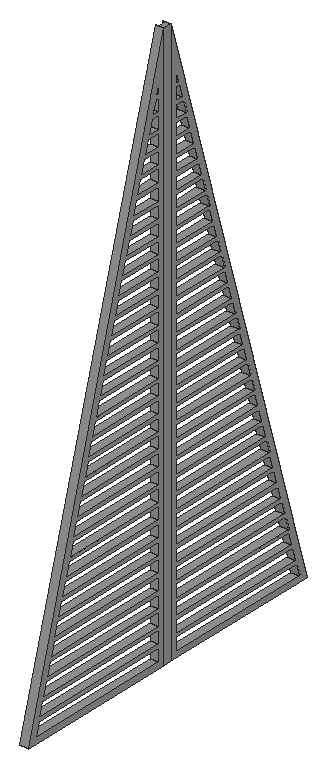
Revit family "MBS_shading panel1__up_0", category Generic Models, Revit 2014
Reference planes
  plane 1 "Center (Front/Back)": y = 0
  plane 2: z = 0
  plane 3 "Center (Left/Right)": x = 0
Dimensions and locks
  aligned and locked: level to plane 2
Nested families
  nested 1: "MBS_rounding mullion shading system1" at (100, -200, 0), type "MBS_rounding mullion shading system1"
    with rounding mullion height 2700 mm
  nested 2: "MBS_shading panel1" at (560, -240, 2700) x (1, 0, 0) z (0, -1, 0), type "MBS_shading panel1"
    with shad panel thickness 40 mm, shad panel 1 void height 2700 mm
  nested 3: "MBS_shading panel1" at (-240, -200, 2700) x (-1, 0, 0) z (0, 1, 0), type "MBS_shading panel1"
    with shad panel thickness 40 mm, shad panel 1 void height 2700 mm
Definition of nested family "MBS_rounding mullion shading system1"
  Parameters (values of type "MBS_rounding mullion shading system1")
    rounding mullion mater = Steel, Galvanized rounding mull
    rounding mullion height [instance] = 2700 mm
    Default Elevation = 1219.2 mm
  Reference planes
    plane 1 "Center (Front/Back)": y = 0
    plane 2: z = 0
    plane 3 "Center (Left/Right)": x = 0
  Forms (mm)
    Extrusion 1, solid
      sketch origin (0, 0, 0) x (1, 0, 0) y (0, 1, 0)
        loop
          line (-1219.2, 1219.2) -> (-1219.2, -1219.2) -> (1219.2, -1219.2) -> (1219.2, 1219.2) -> (-1219.2, 1219.2)
      from 0 to -304.8
    Extrusion 2, solid, material "Steel, Galvanized rounding mull" <- "rounding mullion mater"
      sketch origin (0, 0, 0) x (1, 0, 0) y (0, 1, 0)
        loop
          line (55, 0) -> (55, -40) -> (80, -40) -> (80, 0) -> (55, 0)
      from 0 to 2700 <- "rounding mullion height"
  Dimensions and locks
    aligned and locked: plane 2 to Extrusion 1
    aligned and locked: level to Extrusion 1
Definition of nested family "MBS_shading panel1"
  Parameters (values of type "MBS_shading panel1")
    shading panel mater = Oak, White shading panel
    shad panel thickness [instance] = 40 mm
    shad panel 1 void height [instance] = 2700 mm
    panel hole = 60 mm
    Default Elevation = 1219.2 mm
  Reference planes
    plane 1 "Center (Front/Back)": y = 0
    plane 2: z = 0
    plane 3 "Center (Left/Right)": x = 0
    plane 4: y = -281.851
    plane 5: y = -341.851
    plane 6: y = -356.851
    plane 7: y = -416.851
    plane 8: through (799.2, -206.851, 30) normal (0, -0.2841, -0.9588)
    plane 9: y = -431.851
    plane 10: y = -491.851
    plane 11: y = -506.851
    plane 12: y = -566.851
    plane 13: y = -581.851
    plane 14: y = -641.851
    plane 15: y = -661.851
    plane 16: y = -721.851
    plane 17: y = -736.851
    plane 18: y = -796.851
    plane 19: y = -811.851
    plane 20: y = -871.851
    plane 21: y = -886.851
    plane 22: y = -946.851
    plane 23: y = -961.851
    plane 24: y = -1021.851
    plane 25: y = -1036.851
    plane 26: y = -1096.851
    plane 27: y = -1111.851
    plane 28: y = -1171.851
    plane 29: y = -1186.851
    plane 30: y = -1246.851
    plane 31: y = -1261.851
    plane 32: y = -1321.851
    plane 33: y = -1336.851
    plane 34: y = -1396.851
    plane 35: y = -1411.851
    plane 36: y = -1471.851
    plane 37: y = -1486.851
    plane 38: y = -1546.851
    plane 39: y = -1561.851
    plane 40: y = -1621.851
    plane 41: y = -1636.851
    plane 42: y = -1696.851
    plane 43: y = -1711.851
    plane 44: y = -1771.851
    plane 45: y = -1786.851
    plane 46: y = -1846.851
    plane 47: y = -1861.851
    plane 48: y = -1921.851
    plane 49: y = -1936.851
    plane 50: y = -1996.851
    plane 51: y = -2011.851
    plane 52: y = -2071.851
    plane 53: y = -2086.851
    plane 54: y = -2146.851
    plane 55: y = -2161.851
    plane 56: y = -2221.851
    plane 57: y = -2236.851
    plane 58: y = -2296.851
    plane 59: y = -2311.851
    plane 60: y = -2371.851
    plane 61: y = -2386.851
    plane 62: y = -2446.851
    plane 63: y = -2521.851
    plane 64: y = -2461.851
    plane 65: y = -2536.851
    plane 66: y = -2596.851
    plane 67: y = -2611.851
    plane 68: y = -2671.851
  Forms (mm)
    Extrusion 1, solid
      sketch origin (0, 0, 0) x (1, 0, 0) y (0, 1, 0)
        loop
          line (-1219.2, 1219.2) -> (-1219.2, -1219.2) -> (1219.2, -1219.2) -> (1219.2, 1219.2) -> (-1219.2, 1219.2)
      from 0 to -304.8
    Extrusion 2, solid, material "Oak, White shading panel" <- "shading panel mater"
      sketch origin (-420, -1442.49, -227.833) x (0, 0, -1) y (0, 1, 0)
        loop
          line (-227.833, 1442.49) -> (-1027.833, -1257.51) -> (-227.833, -1257.51) -> (-227.833, 1442.49)
        loop
          line (-257.833, 1235.639) -> (-275.611, 1175.639) -> (-257.833, 1175.639) -> (-257.833, 1235.639)
        loop
          line (-257.833, 1160.639) -> (-280.056, 1160.639) -> (-297.833, 1100.639) -> (-257.833, 1100.639) -> (-257.833, 1160.639)
        loop
          line (-257.833, 1085.639) -> (-302.278, 1085.639) -> (-320.056, 1025.639) -> (-257.833, 1025.639) -> (-257.833, 1085.639)
        loop
          line (-257.833, 1010.639) -> (-324.5, 1010.639) -> (-342.278, 950.639) -> (-257.833, 950.639) -> (-257.833, 1010.639)
        loop
          line (-257.833, 860.639) -> (-368.944, 860.639) -> (-386.722, 800.639) -> (-257.833, 800.639) -> (-257.833, 860.639)
        loop
          line (-257.833, 935.639) -> (-346.722, 935.639) -> (-364.5, 875.639) -> (-257.833, 875.639) -> (-257.833, 935.639)
        loop
          line (-257.833, 780.639) -> (-392.648, 780.639) -> (-410.426, 720.639) -> (-257.833, 720.639) -> (-257.833, 780.639)
        loop
          line (-257.833, 705.639) -> (-414.87, 705.639) -> (-432.648, 645.639) -> (-257.833, 645.639) -> (-257.833, 705.639)
        loop
          line (-257.833, 630.639) -> (-437.093, 630.639) -> (-454.87, 570.639) -> (-257.833, 570.639) -> (-257.833, 630.639)
        loop
          line (-257.833, 555.639) -> (-459.315, 555.639) -> (-477.093, 495.639) -> (-257.833, 495.639) -> (-257.833, 555.639)
        loop
          line (-257.833, 480.639) -> (-481.537, 480.639) -> (-499.315, 420.639) -> (-257.833, 420.639) -> (-257.833, 480.639)
        loop
          line (-257.833, 405.639) -> (-503.759, 405.639) -> (-521.537, 345.639) -> (-257.833, 345.639) -> (-257.833, 405.639)
        loop
          line (-257.833, 330.639) -> (-525.982, 330.639) -> (-543.759, 270.639) -> (-257.833, 270.639) -> (-257.833, 330.639)
        loop
          line (-257.833, 255.639) -> (-548.204, 255.639) -> (-565.982, 195.639) -> (-257.833, 195.639) -> (-257.833, 255.639)
        loop
          line (-257.833, 180.639) -> (-570.426, 180.639) -> (-588.204, 120.639) -> (-257.833, 120.639) -> (-257.833, 180.639)
        loop
          line (-257.833, 105.639) -> (-592.648, 105.639) -> (-610.426, 45.639) -> (-257.833, 45.639) -> (-257.833, 105.639)
        loop
          line (-257.833, 30.639) -> (-614.87, 30.639) -> (-632.648, -29.361) -> (-257.833, -29.361) -> (-257.833, 30.639)
        loop
          line (-257.833, -44.361) -> (-637.093, -44.361) -> (-654.87, -104.361) -> (-257.833, -104.361) -> (-257.833, -44.361)
        loop
          line (-257.833, -119.361) -> (-659.315, -119.361) -> (-677.093, -179.361) -> (-257.833, -179.361) -> (-257.833, -119.361)
        loop
          line (-257.833, -194.361) -> (-681.537, -194.361) -> (-699.315, -254.361) -> (-257.833, -254.361) -> (-257.833, -194.361)
        loop
          line (-257.833, -269.361) -> (-703.759, -269.361) -> (-721.537, -329.361) -> (-257.833, -329.361) -> (-257.833, -269.361)
        loop
          line (-257.833, -344.361) -> (-725.982, -344.361) -> (-743.759, -404.361) -> (-257.833, -404.361) -> (-257.833, -344.361)
        loop
          line (-257.833, -419.361) -> (-748.204, -419.361) -> (-765.982, -479.361) -> (-257.833, -479.361) -> (-257.833, -419.361)
        loop
          line (-257.833, -494.361) -> (-770.426, -494.361) -> (-788.204, -554.361) -> (-257.833, -554.361) -> (-257.833, -494.361)
        loop
          line (-257.833, -569.361) -> (-792.648, -569.361) -> (-810.426, -629.361) -> (-257.833, -629.361) -> (-257.833, -569.361)
        loop
          line (-257.833, -644.361) -> (-814.87, -644.361) -> (-832.648, -704.361) -> (-257.833, -704.361) -> (-257.833, -644.361)
        loop
          line (-257.833, -719.361) -> (-837.093, -719.361) -> (-854.87, -779.361) -> (-257.833, -779.361) -> (-257.833, -719.361)
        loop
          line (-257.833, -794.361) -> (-859.315, -794.361) -> (-877.093, -854.361) -> (-257.833, -854.361) -> (-257.833, -794.361)
        loop
          line (-257.833, -869.361) -> (-881.537, -869.361) -> (-899.315, -929.361) -> (-257.833, -929.361) -> (-257.833, -869.361)
        loop
          line (-257.833, -944.361) -> (-903.759, -944.361) -> (-921.537, -1004.361) -> (-257.833, -1004.361) -> (-257.833, -944.361)
        loop
          line (-257.833, -1019.361) -> (-925.982, -1019.361) -> (-943.759, -1079.361) -> (-257.833, -1079.361) -> (-257.833, -1019.361)
        loop
          line (-257.833, -1094.361) -> (-948.204, -1094.361) -> (-965.982, -1154.361) -> (-257.833, -1154.361) -> (-257.833, -1094.361)
        loop
          line (-257.833, -1169.361) -> (-970.426, -1169.361) -> (-988.204, -1229.361) -> (-257.833, -1229.361) -> (-257.833, -1169.361)
      from 0 to 40 <- "shad panel thickness"
  Dimensions and locks
    "panel hole": plane 4 to plane 5
    "panel hole": plane 6 to plane 7
    "panel hole": plane 9 to plane 10
    "panel hole": plane 11 to plane 12
    "panel hole": plane 13 to plane 14
    "panel hole": plane 15 to plane 16
    "panel hole": plane 17 to plane 18
    "panel hole": plane 19 to plane 20
    "panel hole": plane 21 to plane 22
    "panel hole": plane 23 to plane 24
    "panel hole": plane 25 to plane 26
    "panel hole": plane 27 to plane 28
    "panel hole": plane 29 to plane 30
    "panel hole": plane 31 to plane 32
    "panel hole": plane 33 to plane 34
    "panel hole": plane 35 to plane 36
    "panel hole": plane 37 to plane 38
    "panel hole": plane 39 to plane 40
    "panel hole": plane 41 to plane 42
    "panel hole": plane 43 to plane 44
    "panel hole": plane 45 to plane 46
    "panel hole": plane 47 to plane 48
    "panel hole": plane 49 to plane 50
    "panel hole": plane 51 to plane 52
    "panel hole": plane 53 to plane 54
    "panel hole": plane 55 to plane 56
    "panel hole": plane 57 to plane 58
    "panel hole": plane 59 to plane 60
    "panel hole": plane 61 to plane 62
    "panel hole": plane 64 to plane 63
    "panel hole": plane 65 to plane 66
    "panel hole": plane 67 to plane 68
    aligned and locked: plane 2 to Extrusion 1
    aligned and locked: level to Extrusion 1
    aligned and locked: plane 4 to Extrusion 2 sketch curve
    aligned and locked: plane 5 to Extrusion 2 sketch curve
    aligned and locked: plane 6 to Extrusion 2 sketch curve
    aligned and locked: plane 7 to Extrusion 2 sketch curve
    aligned and locked: plane 8 to Extrusion 2 sketch curve  (x33)
    aligned and locked: plane 9 to Extrusion 2 sketch curve
    aligned and locked: plane 10 to Extrusion 2 sketch curve
    aligned and locked: plane 11 to Extrusion 2 sketch curve
    aligned and locked: plane 12 to Extrusion 2 sketch curve
    aligned and locked: plane 13 to Extrusion 2 sketch curve
    aligned and locked: plane 14 to Extrusion 2 sketch curve
    aligned and locked: plane 15 to Extrusion 2 sketch curve
    aligned and locked: plane 16 to Extrusion 2 sketch curve
    aligned and locked: plane 17 to Extrusion 2 sketch curve
    aligned and locked: plane 18 to Extrusion 2 sketch curve
    aligned and locked: plane 19 to Extrusion 2 sketch curve
    aligned and locked: plane 20 to Extrusion 2 sketch curve
    aligned and locked: plane 21 to Extrusion 2 sketch curve
    aligned and locked: plane 22 to Extrusion 2 sketch curve
    aligned and locked: plane 23 to Extrusion 2 sketch curve
    aligned and locked: plane 24 to Extrusion 2 sketch curve
    aligned and locked: plane 25 to Extrusion 2 sketch curve
    aligned and locked: plane 26 to Extrusion 2 sketch curve
    aligned and locked: plane 27 to Extrusion 2 sketch curve
    aligned and locked: plane 28 to Extrusion 2 sketch curve
    aligned and locked: plane 29 to Extrusion 2 sketch curve
    aligned and locked: plane 30 to Extrusion 2 sketch curve
    aligned and locked: plane 31 to Extrusion 2 sketch curve
    aligned and locked: plane 32 to Extrusion 2 sketch curve
    aligned and locked: plane 33 to Extrusion 2 sketch curve
    aligned and locked: plane 34 to Extrusion 2 sketch curve
    aligned and locked: plane 35 to Extrusion 2 sketch curve
    aligned and locked: plane 36 to Extrusion 2 sketch curve
    aligned and locked: plane 37 to Extrusion 2 sketch curve
    aligned and locked: plane 38 to Extrusion 2 sketch curve
    aligned and locked: plane 39 to Extrusion 2 sketch curve
    aligned and locked: plane 40 to Extrusion 2 sketch curve
    aligned and locked: plane 41 to Extrusion 2 sketch curve
    aligned and locked: plane 42 to Extrusion 2 sketch curve
    aligned and locked: plane 43 to Extrusion 2 sketch curve
    aligned and locked: plane 44 to Extrusion 2 sketch curve
    aligned and locked: plane 45 to Extrusion 2 sketch curve
    aligned and locked: plane 46 to Extrusion 2 sketch curve
    aligned and locked: plane 47 to Extrusion 2 sketch curve
    aligned and locked: plane 48 to Extrusion 2 sketch curve
    aligned and locked: plane 49 to Extrusion 2 sketch curve
    aligned and locked: plane 50 to Extrusion 2 sketch curve
    aligned and locked: plane 51 to Extrusion 2 sketch curve
    aligned and locked: plane 52 to Extrusion 2 sketch curve
    aligned and locked: plane 53 to Extrusion 2 sketch curve
    aligned and locked: plane 54 to Extrusion 2 sketch curve
    aligned and locked: plane 55 to Extrusion 2 sketch curve
    aligned and locked: plane 56 to Extrusion 2 sketch curve
    aligned and locked: plane 57 to Extrusion 2 sketch curve
    aligned and locked: plane 58 to Extrusion 2 sketch curve
    aligned and locked: plane 59 to Extrusion 2 sketch curve
    aligned and locked: plane 60 to Extrusion 2 sketch curve
    aligned and locked: plane 61 to Extrusion 2 sketch curve
    aligned and locked: plane 62 to Extrusion 2 sketch curve
    aligned and locked: plane 63 to Extrusion 2 sketch curve
    aligned and locked: plane 64 to Extrusion 2 sketch curve
    aligned and locked: plane 65 to Extrusion 2 sketch curve
    aligned and locked: plane 66 to Extrusion 2 sketch curve
    aligned and locked: plane 67 to Extrusion 2 sketch curve
    aligned and locked: plane 68 to Extrusion 2 sketch curve
  Automatic sketch dimensions
    Extrusion 1 sketch curve to Extrusion 1 sketch curve = 2438.4 mm  (x2)
    Extrusion 2 sketch curve to level = 0 mm
    Extrusion 2 sketch curve to plane 1 "Center (Front/Back)" = 0 mm
    Extrusion 2 sketch curve to plane 68 = 28.149 mm
    Extrusion 2 sketch curve to Extrusion 2 sketch curve = 39.63 mm
    plane 4 to Extrusion 2 sketch curve = 15 mm
    level to Extrusion 2 sketch curve = 30 mm  (x16)
    Extrusion 2 sketch curve to Extrusion 2 sketch curve = 0 mm  (x17)
